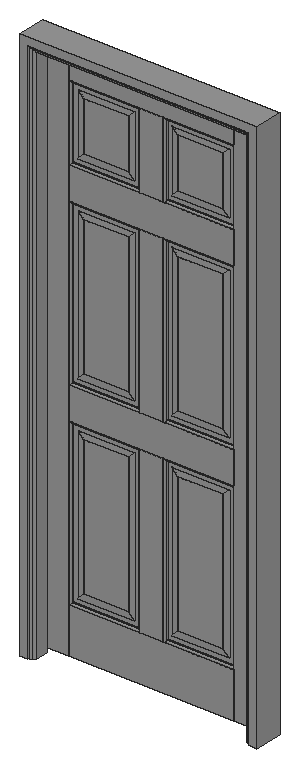
Revit family "IUE6P", category Doors, host Wall, Revit 2013
Parameters (values of type "IUE6P")
  Function = Interior
  Frame Projection Ext. = 25 mm
  Frame Projection Int. = 25 mm
  Frame Width = 75 mm
  Height = 2090 mm
  Wall Closure = By host
  Width = 889 mm
Reference planes
  plane 1: y = 0
  plane 2 "Center (Left/Right)": x = 0
  plane 3 "Left": x = -444.5
  plane 4 "Right": x = 444.5
  plane 5: z = 2090
  plane 6 "Exterior": y = 75
  plane 7 "Interior": y = -75
Forms (mm)
  Sweep 1, solid, material "Lauan, Meranti"
    path origin (0, 75, 0) x (1, 0, 0) y (0, 0, 1)
      loop
        line (444.5, 0) -> (444.5, 2090) -> (-444.5, 2090) -> (-444.5, 0)
    profile "Van Acht 105x50 Door Frame Routed Profile (Heavy) : Van Acht 105x50 Door Frame Routed Profile (Heavy)" origin (444.5, 75, 1045) x (-1, 0, 0) y (0, -1, 0)
      loop
        line (0, 22.5) -> (38, 22.5) -> (38, 67.5) -> (50, 67.5) -> (50, 112.5)
        arc (50, 112.5) -> (44.957, 114.29) -> (42.17, 118.859) r 8
        line (42.17, 118.859) -> (39, 118.859)
        arc (39, 118.859) -> (35.311, 122.973) -> (30, 124.5) r 10
        line (30, 124.5) -> (30, 127.5) -> (0, 127.5) -> (0, 22.5)
  Extrusion 2, solid, material "Lauan, Meranti"
    sketch origin (0, -85, 0) x (0, 1, 0) y (0, 0, 1)
      loop
        line (132.5, 20) -> (132.5, 191) -> (130.5, 191)
        arc (130.5, 191) -> (128.866, 195.67) -> (124.5, 198) r 6.807
        line (124.5, 198) -> (124.5, 200) -> (122.5, 200) -> (122.5, 185) -> (102.5, 185) -> (102.5, 200) -> (100.5, 200) -> (100.5, 198)
        arc (100.5, 198) -> (96.134, 195.67) -> (94.5, 191) r 6.807
        line (94.5, 191) -> (92.5, 191) -> (92.5, 20) -> (132.5, 20)
      loop
        line (132.5, 809) -> (132.5, 931) -> (130.5, 931)
        arc (130.5, 931) -> (128.866, 935.67) -> (124.5, 938) r 6.807
        line (124.5, 938) -> (124.5, 940) -> (122.5, 940) -> (122.5, 925) -> (102.5, 925) -> (102.5, 940) -> (100.5, 940) -> (100.5, 938)
        arc (100.5, 938) -> (96.134, 935.67) -> (94.5, 931) r 6.807
        line (94.5, 931) -> (92.5, 931) -> (92.5, 809) -> (94.5, 809)
        arc (94.5, 809) -> (96.134, 804.33) -> (100.5, 802) r 6.807
        line (100.5, 802) -> (100.5, 800) -> (102.5, 800) -> (102.5, 815) -> (122.5, 815) -> (122.5, 800) -> (124.5, 800) -> (124.5, 802)
        arc (124.5, 802) -> (128.866, 804.33) -> (130.5, 809) r 6.807
        line (130.5, 809) -> (132.5, 809)
      loop
        line (130.5, 1956) -> (132.5, 1956) -> (132.5, 2052) -> (92.5, 2052) -> (92.5, 1956) -> (94.5, 1956)
        arc (94.5, 1956) -> (96.134, 1951.33) -> (100.5, 1949) r 6.807
        line (100.5, 1949) -> (100.5, 1947) -> (102.5, 1947) -> (102.5, 1962) -> (122.5, 1962) -> (122.5, 1947) -> (124.5, 1947) -> (124.5, 1949)
        arc (124.5, 1949) -> (128.866, 1951.33) -> (130.5, 1956) r 6.807
      loop
        line (132.5, 1549) -> (132.5, 1671) -> (130.5, 1671)
        arc (130.5, 1671) -> (128.866, 1675.67) -> (124.5, 1678) r 6.807
        line (124.5, 1678) -> (124.5, 1680) -> (122.5, 1680) -> (122.5, 1665) -> (102.5, 1665) -> (102.5, 1680) -> (100.5, 1680) -> (100.5, 1678)
        arc (100.5, 1678) -> (96.134, 1675.67) -> (94.5, 1671) r 6.807
        line (94.5, 1671) -> (92.5, 1671) -> (92.5, 1549) -> (94.5, 1549)
        arc (94.5, 1549) -> (96.134, 1544.33) -> (100.5, 1542) r 6.807
        line (100.5, 1542) -> (100.5, 1540) -> (102.5, 1540) -> (102.5, 1555) -> (122.5, 1555) -> (122.5, 1540) -> (124.5, 1540) -> (124.5, 1542)
        arc (124.5, 1542) -> (128.866, 1544.33) -> (130.5, 1549) r 6.807
        line (130.5, 1549) -> (132.5, 1549)
    from -310.5 to 310.5
  Extrusion 3, solid, material "Lauan, Meranti"
    sketch origin (0, 0, 0) x (1, 0, 0) y (0, 1, 0)
      loop
        line (-406.5, 47.5) -> (-406.5, 7.5) -> (-310.5, 7.5) -> (-310.5, 9.5)
        arc (-310.5, 9.5) -> (-305.765, 11.06) -> (-303.5, 15.5) r 6.549
        line (-303.5, 15.5) -> (-301.5, 15.5) -> (-301.5, 17.5) -> (-316.5, 17.5) -> (-316.5, 37.5) -> (-301.5, 37.5) -> (-301.5, 39.5) -> (-303.5, 39.5)
        arc (-303.5, 39.5) -> (-305.765, 43.94) -> (-310.5, 45.5) r 6.549
        line (-310.5, 45.5) -> (-310.5, 47.5) -> (-406.5, 47.5)
      loop
        line (406.5, 47.5) -> (310.5, 47.5) -> (310.5, 45.5)
        arc (310.5, 45.5) -> (305.765, 43.94) -> (303.5, 39.5) r 6.549
        line (303.5, 39.5) -> (301.5, 39.5) -> (301.5, 37.5) -> (316.5, 37.5) -> (316.5, 17.5) -> (301.5, 17.5) -> (301.5, 15.5) -> (303.5, 15.5)
        arc (303.5, 15.5) -> (305.765, 11.06) -> (310.5, 9.5) r 6.549
        line (310.5, 9.5) -> (310.5, 7.5) -> (406.5, 7.5) -> (406.5, 47.5)
    from 20 to 2052
  Sweep 4, solid, material "Lauan, Meranti"
    path origin (0, 75, 0) x (1, 0, 0) y (0, 0, 1)
      loop
        line (310.5, 809) -> (43.5, 809) -> (43.5, 191) -> (310.5, 191) -> (310.5, 809)
    profile origin (177, 75, 809) x (0, 0, -1) y (0, -1, 0)
      loop
        line (-4.5, 57.5) -> (-4.5, 37.5) -> (25.727, 37.5)
        arc (25.727, 37.5) -> (37.124, 37.25) -> (48.5, 36.5) r 259.807
        line (48.5, 36.5) -> (48.5, 58.5)
        arc (48.5, 58.5) -> (37.124, 57.75) -> (25.727, 57.5) r 259.807
        line (25.727, 57.5) -> (-4.5, 57.5)
  Extrusion 5, solid, material "Lauan, Meranti"
    sketch origin (0, 75, 0) x (1, 0, 0) y (0, 0, 1)
      loop
        line (262, 760.5) -> (92, 760.5) -> (92, 239.5) -> (262, 239.5) -> (262, 760.5)
    from 36.5 to 58.5
  Extrusion 6, solid, material "Lauan, Meranti"
    sketch origin (0, -55, 0) x (1, 0, 0) y (0, 1, 0)
      loop
        line (-37.5, 92.5) -> (-37.5, 72.5) -> (-52.5, 72.5) -> (-52.5, 70.5) -> (-50.5, 70.5)
        arc (-50.5, 70.5) -> (-48.235, 66.06) -> (-43.5, 64.5) r 6.549
        line (-43.5, 64.5) -> (-43.5, 62.5) -> (43.5, 62.5) -> (43.5, 64.5)
        arc (43.5, 64.5) -> (48.235, 66.06) -> (50.5, 70.5) r 6.549
        line (50.5, 70.5) -> (52.5, 70.5) -> (52.5, 72.5) -> (37.5, 72.5) -> (37.5, 92.5) -> (52.5, 92.5) -> (52.5, 94.5) -> (50.5, 94.5)
        arc (50.5, 94.5) -> (48.235, 98.94) -> (43.5, 100.5) r 6.549
        line (43.5, 100.5) -> (43.5, 102.5) -> (-43.5, 102.5) -> (-43.5, 100.5)
        arc (-43.5, 100.5) -> (-48.235, 98.94) -> (-50.5, 94.5) r 6.549
        line (-50.5, 94.5) -> (-52.5, 94.5) -> (-52.5, 92.5) -> (-37.5, 92.5)
    from 191 to 809
  Sweep 7, solid, material "Lauan, Meranti"
    path origin (-354, 75, 0) x (1, 0, 0) y (0, 0, 1)
      loop
        line (310.5, 809) -> (43.5, 809) -> (43.5, 191) -> (310.5, 191) -> (310.5, 809)
    profile origin (-177, 75, 809) x (0, 0, -1) y (0, -1, 0)
      loop
        line (-4.5, 57.5) -> (-4.5, 37.5) -> (25.727, 37.5)
        arc (25.727, 37.5) -> (37.124, 37.25) -> (48.5, 36.5) r 259.807
        line (48.5, 36.5) -> (48.5, 58.5)
        arc (48.5, 58.5) -> (37.124, 57.75) -> (25.727, 57.5) r 259.807
        line (25.727, 57.5) -> (-4.5, 57.5)
  Extrusion 8, solid, material "Lauan, Meranti"
    sketch origin (-354, 75, 0) x (1, 0, 0) y (0, 0, 1)
      loop
        line (262, 760.5) -> (92, 760.5) -> (92, 239.5) -> (262, 239.5) -> (262, 760.5)
    from 36.5 to 58.5
  Sweep 9, solid, material "Lauan, Meranti"
    path origin (0, 75, 740) x (1, 0, 0) y (0, 0, 1)
      loop
        line (310.5, 809) -> (43.5, 809) -> (43.5, 191) -> (310.5, 191) -> (310.5, 809)
    profile origin (177, 75, 1549) x (0, 0, -1) y (0, -1, 0)
      loop
        line (-4.5, 57.5) -> (-4.5, 37.5) -> (25.727, 37.5)
        arc (25.727, 37.5) -> (37.124, 37.25) -> (48.5, 36.5) r 259.807
        line (48.5, 36.5) -> (48.5, 58.5)
        arc (48.5, 58.5) -> (37.124, 57.75) -> (25.727, 57.5) r 259.807
        line (25.727, 57.5) -> (-4.5, 57.5)
  Extrusion 10, solid, material "Lauan, Meranti"
    sketch origin (0, 75, 740) x (1, 0, 0) y (0, 0, 1)
      loop
        line (262, 760.5) -> (92, 760.5) -> (92, 239.5) -> (262, 239.5) -> (262, 760.5)
    from 36.5 to 58.5
  Extrusion 11, solid, material "Lauan, Meranti"
    sketch origin (0, -55, 740) x (1, 0, 0) y (0, 1, 0)
      loop
        line (-37.5, 92.5) -> (-37.5, 72.5) -> (-52.5, 72.5) -> (-52.5, 70.5) -> (-50.5, 70.5)
        arc (-50.5, 70.5) -> (-48.235, 66.06) -> (-43.5, 64.5) r 6.549
        line (-43.5, 64.5) -> (-43.5, 62.5) -> (43.5, 62.5) -> (43.5, 64.5)
        arc (43.5, 64.5) -> (48.235, 66.06) -> (50.5, 70.5) r 6.549
        line (50.5, 70.5) -> (52.5, 70.5) -> (52.5, 72.5) -> (37.5, 72.5) -> (37.5, 92.5) -> (52.5, 92.5) -> (52.5, 94.5) -> (50.5, 94.5)
        arc (50.5, 94.5) -> (48.235, 98.94) -> (43.5, 100.5) r 6.549
        line (43.5, 100.5) -> (43.5, 102.5) -> (-43.5, 102.5) -> (-43.5, 100.5)
        arc (-43.5, 100.5) -> (-48.235, 98.94) -> (-50.5, 94.5) r 6.549
        line (-50.5, 94.5) -> (-52.5, 94.5) -> (-52.5, 92.5) -> (-37.5, 92.5)
    from 191 to 809
  Sweep 12, solid, material "Lauan, Meranti"
    path origin (-354, 75, 740) x (1, 0, 0) y (0, 0, 1)
      loop
        line (310.5, 809) -> (43.5, 809) -> (43.5, 191) -> (310.5, 191) -> (310.5, 809)
    profile origin (-177, 75, 1549) x (0, 0, -1) y (0, -1, 0)
      loop
        line (-4.5, 57.5) -> (-4.5, 37.5) -> (25.727, 37.5)
        arc (25.727, 37.5) -> (37.124, 37.25) -> (48.5, 36.5) r 259.807
        line (48.5, 36.5) -> (48.5, 58.5)
        arc (48.5, 58.5) -> (37.124, 57.75) -> (25.727, 57.5) r 259.807
        line (25.727, 57.5) -> (-4.5, 57.5)
  Extrusion 13, solid, material "Lauan, Meranti"
    sketch origin (-354, 75, 740) x (1, 0, 0) y (0, 0, 1)
      loop
        line (262, 760.5) -> (92, 760.5) -> (92, 239.5) -> (262, 239.5) -> (262, 760.5)
    from 36.5 to 58.5
  Extrusion 14, solid, material "Lauan, Meranti"
    sketch origin (0, -55, 1445) x (1, 0, 0) y (0, 1, 0)
      loop
        line (-37.5, 92.5) -> (-37.5, 72.5) -> (-52.5, 72.5) -> (-52.5, 70.5) -> (-50.5, 70.5)
        arc (-50.5, 70.5) -> (-48.235, 66.06) -> (-43.5, 64.5) r 6.549
        line (-43.5, 64.5) -> (-43.5, 62.5) -> (43.5, 62.5) -> (43.5, 64.5)
        arc (43.5, 64.5) -> (48.235, 66.06) -> (50.5, 70.5) r 6.549
        line (50.5, 70.5) -> (52.5, 70.5) -> (52.5, 72.5) -> (37.5, 72.5) -> (37.5, 92.5) -> (52.5, 92.5) -> (52.5, 94.5) -> (50.5, 94.5)
        arc (50.5, 94.5) -> (48.235, 98.94) -> (43.5, 100.5) r 6.549
        line (43.5, 100.5) -> (43.5, 102.5) -> (-43.5, 102.5) -> (-43.5, 100.5)
        arc (-43.5, 100.5) -> (-48.235, 98.94) -> (-50.5, 94.5) r 6.549
        line (-50.5, 94.5) -> (-52.5, 94.5) -> (-52.5, 92.5) -> (-37.5, 92.5)
    from 226 to 511
  Sweep 15, solid, material "Lauan, Meranti"
    path origin (0, 75, 1480) x (1, 0, 0) y (0, 0, 1)
      loop
        line (310.5, 476) -> (43.5, 476) -> (43.5, 191) -> (310.5, 191) -> (310.5, 476)
    profile origin (177, 75, 1956) x (0, 0, -1) y (0, -1, 0)
      loop
        line (-4.5, 57.5) -> (-4.5, 37.5) -> (25.727, 37.5)
        arc (25.727, 37.5) -> (37.124, 37.25) -> (48.5, 36.5) r 259.807
        line (48.5, 36.5) -> (48.5, 58.5)
        arc (48.5, 58.5) -> (37.124, 57.75) -> (25.727, 57.5) r 259.807
        line (25.727, 57.5) -> (-4.5, 57.5)
  Extrusion 16, solid, material "Lauan, Meranti"
    sketch origin (0, 75, 1480) x (1, 0, 0) y (0, 0, 1)
      loop
        line (262, 427.5) -> (92, 427.5) -> (92, 239.5) -> (262, 239.5) -> (262, 427.5)
    from 36.5 to 58.5
  Sweep 17, solid, material "Lauan, Meranti"
    path origin (-354, 75, 1480) x (1, 0, 0) y (0, 0, 1)
      loop
        line (310.5, 476) -> (43.5, 476) -> (43.5, 191) -> (310.5, 191) -> (310.5, 476)
    profile origin (-177, 75, 1956) x (0, 0, -1) y (0, -1, 0)
      loop
        line (-4.5, 57.5) -> (-4.5, 37.5) -> (25.727, 37.5)
        arc (25.727, 37.5) -> (37.124, 37.25) -> (48.5, 36.5) r 259.807
        line (48.5, 36.5) -> (48.5, 58.5)
        arc (48.5, 58.5) -> (37.124, 57.75) -> (25.727, 57.5) r 259.807
        line (25.727, 57.5) -> (-4.5, 57.5)
  Extrusion 18, solid, material "Lauan, Meranti"
    sketch origin (-354, 75, 1480) x (1, 0, 0) y (0, 0, 1)
      loop
        line (262, 427.5) -> (92, 427.5) -> (92, 239.5) -> (262, 239.5) -> (262, 427.5)
    from 36.5 to 58.5
Lines and regions (mm)
  Opening 1
    outline origin (-3050, -75, 0) x (1, 0, 0) y (0, 0, 1)
      loop
        line (2605.5, 0) -> (3494.5, 0) -> (3494.5, 2090) -> (2605.5, 2090) -> (2605.5, 0)
  symbolic lines, style "Elevation Swing"
    curve 1: line (444.5, -75, 1045) -> (-444.5, -75, 2090)
    curve 2: line (444.5, -75, 1045) -> (-444.5, -75, 0)
  model lines
    curve 3: line (406.5, 52.5, 0) -> (406.5, 865.5, 0)
    curve 4: arc (-406.5, 52.5, 0) -> (-168.378, 627.378, 0) -> (406.5, 865.5, 0) r 813
Text (mm)
  text "Exterior" at (-2295.016, 1099.543, 0), in view "Ref. Level"
  text "Exterior" at (0, 1615.38, 3698.081), in view "Left"
  text "Exterior" at (0, 1036.032, 3874.932), in view "Right"
Dimensions and locks
  equal spacing: plane 3 "Left", plane 2 "Center (Left/Right)", plane 4 "Right"
  "Width": plane 3 "Left" to plane 4 "Right"
  "Height": plane 5 to host wall
  equal spacing: host wall, curve 2, plane 5
  host wall to plane 5 = 2090 mm
  locked: plane 6 "Exterior" to host wall at 0
  locked: plane 7 "Interior" to host wall
  plane 3 "Left" to plane 4 "Right" = 889 mm
  Sweep 1 to Sweep 1 = 813 mm
  Extrusion 3 to Sweep 1 = 2032 mm
  aligned and locked: plane 3 "Left" to Opening 1 sketch curve
  aligned and locked: plane 5 to Opening 1 sketch curve  (x2)
  aligned and locked: Opening 1 sketch curve to plane 4 "Right"
  aligned and locked: Opening 1 sketch curve to level
  aligned and locked: plane 5 to curve 1
  aligned and locked: plane 3 "Left" to curve 2
  aligned and locked: plane 1 to host wall
  aligned and locked: plane 3 "Left" to curve 1
Automatic sketch dimensions
  plane 4 "Right" to curve 2 = 0 mm
  curve 2 to level = 0 mm
  plane 3 "Left" to Sweep 1 sketch curve = 0 mm
  plane 4 "Right" to Sweep 1 sketch curve = 0 mm
  Sweep 1 sketch curve to plane 5 = 0 mm
  Sweep 1 sketch curve to level = 0 mm  (x2)
  Extrusion 2 sketch curve to host wall = 7.5 mm  (x4)
  level to Extrusion 2 sketch curve = 20 mm
  Extrusion 2 sketch curve to Extrusion 2 sketch curve = 2 mm  (x29)
  Extrusion 2 sketch curve to Extrusion 2 sketch curve = 6 mm  (x18)
  Extrusion 2 sketch curve to Extrusion 2 sketch curve = 8 mm  (x4)
  Extrusion 2 sketch curve to Extrusion 2 sketch curve = 20 mm  (x6)
  Extrusion 2 sketch curve to host wall = 27.5 mm
  Extrusion 2 sketch curve to Extrusion 2 sketch curve = 1.197 mm  (x12)
  Extrusion 2 sketch curve to Extrusion 2 sketch curve = 165 mm
  Extrusion 2 sketch curve to Extrusion 2 sketch curve = 7 mm  (x12)
  Extrusion 2 sketch curve to Extrusion 2 sketch curve = 600 mm
  Extrusion 2 sketch curve to Extrusion 2 sketch curve = 0 mm  (x3)
  Extrusion 2 sketch curve to Extrusion 2 sketch curve = 6.241 mm  (x3)
  Extrusion 2 sketch curve to Extrusion 2 sketch curve = 110 mm  (x2)
  plane 5 to Extrusion 2 sketch curve = 550 mm
  plane 5 to Extrusion 2 sketch curve = 143 mm
  plane 5 to Extrusion 2 sketch curve = 38 mm
  Extrusion 3 sketch curve to host wall = 7.5 mm  (x2)
  Extrusion 3 sketch curve to plane 3 "Left" = 38 mm
  Extrusion 3 sketch curve to host wall = 37.5 mm  (x2)
  Extrusion 3 sketch curve to Extrusion 3 sketch curve = 90 mm
  Extrusion 3 sketch curve to Extrusion 3 sketch curve = 6 mm  (x7)
  Extrusion 3 sketch curve to Extrusion 3 sketch curve = 7 mm  (x4)
  Extrusion 3 sketch curve to Extrusion 3 sketch curve = 2 mm  (x11)
  plane 4 "Right" to Extrusion 3 sketch curve = 143 mm
  Extrusion 3 sketch curve to Extrusion 3 sketch curve = 0 mm
  plane 4 "Right" to Extrusion 3 sketch curve = 38 mm
  Extrusion 3 sketch curve to Extrusion 3 sketch curve = 0.473 mm  (x2)
  Extrusion 3 sketch curve to Extrusion 3 sketch curve = 6.527 mm  (x2)
  Extrusion 3 sketch curve to Extrusion 3 sketch curve = 1.468 mm
  plane 2 "Center (Left/Right)" to Sweep 4 sketch curve = 43.5 mm
  level to Sweep 4 sketch curve = 191 mm
  plane 4 "Right" to Sweep 4 sketch curve = 134 mm
  Sweep 4 sketch curve to Sweep 4 sketch curve = 618 mm
  profile plane to Sweep 4 sketch curve = 4.5 mm
  plane 6 "Exterior" to Sweep 4 sketch curve = 36.5 mm
  Sweep 4 sketch curve to profile plane = 25.727 mm
  Sweep 4 sketch curve to Sweep 4 sketch curve = 0 mm
  Sweep 4 sketch curve to Sweep 4 sketch curve = 22.773 mm
  plane 6 "Exterior" to Sweep 4 sketch curve = 37.5 mm
  Sweep 4 sketch curve to Sweep 4 sketch curve = 20 mm
  Sweep 4 sketch curve to Sweep 4 sketch curve = 22 mm
  plane 2 "Center (Left/Right)" to Extrusion 5 sketch curve = 92 mm
  level to Extrusion 5 sketch curve = 239.5 mm
  Extrusion 5 sketch curve to Extrusion 5 sketch curve = 170 mm
  Extrusion 5 sketch curve to Extrusion 5 sketch curve = 521 mm
  plane 4 "Right" to curve 3 = 38 mm
  host wall to curve 3 = 790.5 mm
  curve 4 to host wall = 22.5 mm
  curve 3 to curve 4 = 0 mm
  Extrusion 6 sketch curve to host wall = 17.5 mm  (x2)
  Extrusion 6 sketch curve to plane 2 "Center (Left/Right)" = 52.5 mm
  Extrusion 6 sketch curve to host wall = 7.5 mm
  Extrusion 6 sketch curve to Extrusion 6 sketch curve = 0 mm
  Extrusion 6 sketch curve to Extrusion 6 sketch curve = 2 mm  (x11)
  Extrusion 6 sketch curve to Extrusion 6 sketch curve = 7 mm  (x4)
  Extrusion 6 sketch curve to Extrusion 6 sketch curve = 6 mm  (x5)
  plane 2 "Center (Left/Right)" to Extrusion 6 sketch curve = 37.5 mm
  Extrusion 6 sketch curve to Extrusion 6 sketch curve = 0.473 mm  (x4)
  Extrusion 6 sketch curve to Extrusion 6 sketch curve = 20 mm  (x2)
  Sweep 7 sketch curve to plane 3 "Left" = 134 mm
  Sweep 7 sketch curve to plane 2 "Center (Left/Right)" = 43.5 mm
  level to Sweep 7 sketch curve = 191 mm
  Sweep 7 sketch curve to Sweep 7 sketch curve = 618 mm
  profile plane to Sweep 7 sketch curve = 4.5 mm
  plane 6 "Exterior" to Sweep 7 sketch curve = 36.5 mm
  Sweep 7 sketch curve to profile plane = 25.727 mm
  Sweep 7 sketch curve to Sweep 7 sketch curve = 0 mm
  Sweep 7 sketch curve to Sweep 7 sketch curve = 22.773 mm
  plane 6 "Exterior" to Sweep 7 sketch curve = 37.5 mm
  Sweep 7 sketch curve to Sweep 7 sketch curve = 20 mm
  Sweep 7 sketch curve to Sweep 7 sketch curve = 22 mm
  Extrusion 8 sketch curve to plane 3 "Left" = 182.5 mm
  Extrusion 8 sketch curve to plane 2 "Center (Left/Right)" = 92 mm
  level to Extrusion 8 sketch curve = 239.5 mm
  Extrusion 8 sketch curve to Extrusion 8 sketch curve = 521 mm
  plane 2 "Center (Left/Right)" to Sweep 9 sketch curve = 43.5 mm
  plane 4 "Right" to Sweep 9 sketch curve = 134 mm
  level to Sweep 9 sketch curve = 931 mm
  plane 5 to Sweep 9 sketch curve = 541 mm
  profile plane to Sweep 9 sketch curve = 4.5 mm
  plane 6 "Exterior" to Sweep 9 sketch curve = 36.5 mm
  Sweep 9 sketch curve to profile plane = 25.727 mm
  Sweep 9 sketch curve to Sweep 9 sketch curve = 0 mm
  Sweep 9 sketch curve to Sweep 9 sketch curve = 22.773 mm
  plane 6 "Exterior" to Sweep 9 sketch curve = 37.5 mm
  Sweep 9 sketch curve to Sweep 9 sketch curve = 20 mm
  Sweep 9 sketch curve to Sweep 9 sketch curve = 22 mm
  plane 2 "Center (Left/Right)" to Extrusion 10 sketch curve = 92 mm
  plane 4 "Right" to Extrusion 10 sketch curve = 182.5 mm
  level to Extrusion 10 sketch curve = 979.5 mm
  Extrusion 10 sketch curve to Extrusion 10 sketch curve = 521 mm
  Extrusion 11 sketch curve to host wall = 17.5 mm  (x2)
  Extrusion 11 sketch curve to plane 2 "Center (Left/Right)" = 52.5 mm
  Extrusion 11 sketch curve to host wall = 7.5 mm
  Extrusion 11 sketch curve to Extrusion 11 sketch curve = 0 mm
  Extrusion 11 sketch curve to Extrusion 11 sketch curve = 2 mm  (x11)
  Extrusion 11 sketch curve to Extrusion 11 sketch curve = 7 mm  (x4)
  Extrusion 11 sketch curve to Extrusion 11 sketch curve = 6 mm  (x5)
  plane 2 "Center (Left/Right)" to Extrusion 11 sketch curve = 37.5 mm
  Extrusion 11 sketch curve to Extrusion 11 sketch curve = 0.473 mm  (x4)
  Extrusion 11 sketch curve to Extrusion 11 sketch curve = 20 mm  (x2)
  Sweep 12 sketch curve to plane 3 "Left" = 134 mm
  Sweep 12 sketch curve to plane 2 "Center (Left/Right)" = 43.5 mm
  level to Sweep 12 sketch curve = 931 mm
  plane 5 to Sweep 12 sketch curve = 541 mm
  profile plane to Sweep 12 sketch curve = 4.5 mm
  plane 6 "Exterior" to Sweep 12 sketch curve = 36.5 mm
  Sweep 12 sketch curve to profile plane = 25.727 mm
  Sweep 12 sketch curve to Sweep 12 sketch curve = 0 mm
  Sweep 12 sketch curve to Sweep 12 sketch curve = 22.773 mm
  plane 6 "Exterior" to Sweep 12 sketch curve = 37.5 mm
  Sweep 12 sketch curve to Sweep 12 sketch curve = 20 mm
  Sweep 12 sketch curve to Sweep 12 sketch curve = 22 mm
  Extrusion 13 sketch curve to plane 3 "Left" = 182.5 mm
  Extrusion 13 sketch curve to plane 2 "Center (Left/Right)" = 92 mm
  level to Extrusion 13 sketch curve = 979.5 mm
  Extrusion 13 sketch curve to Extrusion 13 sketch curve = 521 mm
  Extrusion 14 sketch curve to host wall = 17.5 mm  (x2)
  Extrusion 14 sketch curve to plane 2 "Center (Left/Right)" = 52.5 mm
  Extrusion 14 sketch curve to host wall = 7.5 mm
  Extrusion 14 sketch curve to Extrusion 14 sketch curve = 0 mm
  Extrusion 14 sketch curve to Extrusion 14 sketch curve = 2 mm  (x11)
  Extrusion 14 sketch curve to Extrusion 14 sketch curve = 7 mm  (x4)
  Extrusion 14 sketch curve to Extrusion 14 sketch curve = 6 mm  (x5)
  plane 2 "Center (Left/Right)" to Extrusion 14 sketch curve = 37.5 mm
  Extrusion 14 sketch curve to Extrusion 14 sketch curve = 0.473 mm  (x4)
  Extrusion 14 sketch curve to Extrusion 14 sketch curve = 20 mm  (x2)
  plane 2 "Center (Left/Right)" to Sweep 15 sketch curve = 43.5 mm
  plane 4 "Right" to Sweep 15 sketch curve = 134 mm
  plane 5 to Sweep 15 sketch curve = 419 mm
  plane 5 to Sweep 15 sketch curve = 134 mm
  profile plane to Sweep 15 sketch curve = 4.5 mm
  plane 6 "Exterior" to Sweep 15 sketch curve = 36.5 mm
  Sweep 15 sketch curve to profile plane = 25.727 mm
  Sweep 15 sketch curve to Sweep 15 sketch curve = 0 mm
  Sweep 15 sketch curve to Sweep 15 sketch curve = 22.773 mm
  plane 6 "Exterior" to Sweep 15 sketch curve = 37.5 mm
  Sweep 15 sketch curve to Sweep 15 sketch curve = 20 mm
  Sweep 15 sketch curve to Sweep 15 sketch curve = 22 mm
  plane 2 "Center (Left/Right)" to Extrusion 16 sketch curve = 92 mm
  plane 4 "Right" to Extrusion 16 sketch curve = 182.5 mm
  plane 5 to Extrusion 16 sketch curve = 370.5 mm
  plane 5 to Extrusion 16 sketch curve = 182.5 mm
  Sweep 17 sketch curve to plane 3 "Left" = 134 mm
  Sweep 17 sketch curve to plane 2 "Center (Left/Right)" = 43.5 mm
  plane 5 to Sweep 17 sketch curve = 419 mm
  plane 5 to Sweep 17 sketch curve = 134 mm
  profile plane to Sweep 17 sketch curve = 4.5 mm
  plane 6 "Exterior" to Sweep 17 sketch curve = 36.5 mm
  Sweep 17 sketch curve to profile plane = 25.727 mm
  Sweep 17 sketch curve to Sweep 17 sketch curve = 0 mm
  Sweep 17 sketch curve to Sweep 17 sketch curve = 22.773 mm
  plane 6 "Exterior" to Sweep 17 sketch curve = 37.5 mm
  Sweep 17 sketch curve to Sweep 17 sketch curve = 20 mm
  Sweep 17 sketch curve to Sweep 17 sketch curve = 22 mm
  Extrusion 18 sketch curve to plane 3 "Left" = 182.5 mm
  Extrusion 18 sketch curve to plane 2 "Center (Left/Right)" = 92 mm
  plane 5 to Extrusion 18 sketch curve = 370.5 mm
  plane 5 to Extrusion 18 sketch curve = 182.5 mm
